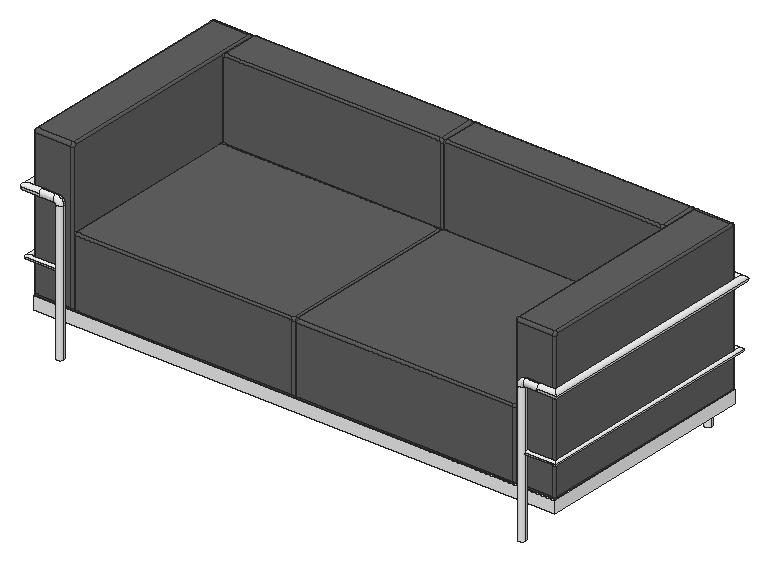
Revit family "31046cd561d4411e894cdde8918b4fbc", category Furniture, Revit 2021
Family settings
  OmniClass Number = 23.40.20.14.14.14
  OmniClass Title = Settees, Sofas
  Work Plane-Based = No
  Always vertical = Yes
  Cut with Voids When Loaded = No
  Shared = Yes
  Room Calculation Point = No
Parameters (values of type "Sofa")
  Default Elevation = 0' - 0"
  Assembly Code = "E2020200"
  Cushion Material = Leather - Black
  Depth = 2' - 4 1/2"
  Frame Material = Metal - Chrome
  Height = 2' - 0 1/2"
  Width = 5' - 6"
Reference planes (in)
  plane 1 "Center (Front/Back)": y = 18.37705
  plane 2: z = 0
  plane 3 "Center (Left/Right)": x = 22.57377
  plane 4 "Front": y = 4.12705
  plane 5 "Back": y = 32.62705
  plane 6 "Right": x = 55.57377
  plane 7 "Left": x = -10.42623
  plane 8: z = 24.5
  plane 9: z = 18
  plane 10: z = 10
  plane 11: y = 27.62705
  plane 12: x = 50.57377
  plane 13 "L1": x = -5.42623
  plane 14: x = -11.42623
  plane 15: x = 56.57377
  plane 16: y = 33.62705
  plane 17: y = 3.12705
  plane 18: x = 51.8136
  plane 19: x = -6.67623
  plane 20 "Cushion": z = 14.5
  plane 21 "Base": z = 5.5
Forms (in)
  Extrusion 1, solid, material "Metal - Chrome" <- "Frame Material"
    sketch origin (0, 0, 0) x (1, 0, 0) y (0, 1, 0)
      loop
        line (-10.42623, 32.62705) -> (-10.42623, 4.12705) -> (55.57377, 4.12705) -> (55.57377, 32.62705) -> (-10.42623, 32.62705)
    from 4 to 5.5
  Sweep 2, solid, material "Metal - Chrome" <- "Frame Material"
    path origin (0, 0, 0) x (1, 0, 0) y (0, 1, 0)
      loop
        line (-8.92623, 3.62705) -> (-10.92623, 3.62705) -> (-10.92623, 33.12705) -> (56.07377, 33.12705) -> (56.07377, 3.62705) -> (54.07377, 3.62705)
    profile origin (-9.92623, 0, 0) x (0, -1, 0) y (0, 0, 1)
      loop
        circle (-3.62705, 18) r 0.4375
  Sweep 3, solid, material "Metal - Chrome" <- "Frame Material"
    path origin (0, 0, 0) x (1, 0, 0) y (0, 1, 0)
      loop
        line (-7.05123, 3.75205) -> (-10.80123, 3.75205) -> (-10.80123, 33.00205) -> (55.94877, 33.00205) -> (55.94877, 3.75205) -> (52.19877, 3.75205)
    profile origin (-8.92623, 0, 0) x (0, -1, 0) y (0, 0, 1)
      loop
        circle (-3.75205, 10) r 0.25
  Sweep 4, solid, material "Metal - Chrome" <- "Frame Material"
    path origin (0, 4.87705, 0) x (0, 0, -1) y (1, 0, 0)
      loop
        line (0, -6.67623) -> (-17.5, -6.67623)
        arc (-17.5, -6.67623) -> (-17.85355, -6.82268) -> (-18, -7.17623) r 0.5
        line (-18, -7.17623) -> (-18, -8.92623)
    profile origin (0, 4.87705, 8.75) x (-1, 0, 0) y (0, -1, 0)
      loop
        circle (6.67623, 1.25) r 0.4375
  Sweep 5, solid, material "Metal - Chrome" <- "Frame Material"
    path origin (0, 4.87705, 0) x (0, 0, -1) y (1, 0, 0)
      loop
        line (0, 51.82377) -> (-17.5, 51.82377)
        arc (-17.5, 51.82377) -> (-17.85355, 51.97022) -> (-18, 52.32377) r 0.5
        line (-18, 52.32377) -> (-18, 54.07377)
    profile origin (0, 4.87705, 8.75) x (-1, 0, 0) y (0, -1, 0)
      loop
        circle (-51.82377, 1.25) r 0.4375
  Extrusion 6, solid, material "Metal - Chrome" <- "Frame Material"
    sketch origin (0, 0, 0) x (1, 0, 0) y (0, 1, 0)
      loop
        circle (-6.67623, 33.12705) r 0.4375
      loop
        circle (51.82377, 33.12705) r 0.4375
    from 0 to 18
Cuts and joins
  joined: Sweep 2, Sweep 3, Sweep 4, Sweep 5, Extrusion 6
Lines and regions (in)
  Masking region 1
    outline origin (0, 0, 0) x (1, 0, 0) y (0, 1, 0)
      loop
        arc (-6.67623, 3.12705) -> (-6.17623, 3.62705) -> (-6.67623, 4.12705) r 0.5
        line (-6.67623, 4.12705) -> (51.8136, 4.12705)
        arc (51.8136, 4.12705) -> (51.3136, 3.62705) -> (51.8136, 3.12705) r 0.5
        line (51.8136, 3.12705) -> (56.57377, 3.12705) -> (56.57377, 33.62705) -> (-11.42623, 33.62705) -> (-11.42623, 3.12705) -> (-6.67623, 3.12705)
  symbolic lines
    curve 1: line (-5.42623, 32.62705, 0) -> (-5.42623, 4.12705, 0)
    curve 2: line (50.57377, 27.62705, 0) -> (-5.42623, 27.62705, 0)
    curve 3: line (50.57377, 4.12705, 0) -> (50.57377, 32.62705, 0)
    curve 4: line (22.57377, 4.12705, 0) -> (22.57377, 32.62705, 0)
Dimensions and locks (in)
  equal spacing: plane 7 "Left", plane 3 "Center (Left/Right)", plane 6 "Right"
  equal spacing: plane 4 "Front", plane 1 "Center (Front/Back)", plane 5 "Back"
  "Depth": plane 4 "Front" to plane 5 "Back"
  "Width": plane 7 "Left" to plane 6 "Right"
  locked: plane 7 "Left" to Sweep 3 sketch curve at 0.375
  locked: Sweep 3 sketch curve to plane 7 "Left" at 3.375
  locked: Sweep 3 sketch curve to plane 6 "Right" at 0.375
  locked: plane 4 "Front" to Sweep 3 sketch curve at 0.375  (x2)
  locked: Sweep 3 sketch curve to plane 5 "Back" at 0.375
  locked: plane 4 "Front" to Sweep 4 sketch curve at 0.5
  locked: plane 4 "Front" to Sweep 5 sketch curve at 0.5
  "Height": plane 8 to level
  locked: Extrusion 6 sketch curve to plane 5 "Back" at 0.5  (x2)
  locked: Extrusion 6 sketch curve to plane 7 "Left" at 3.75
  locked: plane 6 "Right" to Extrusion 6 sketch curve at 3.75
  locked: plane 7 "Left" to plane 13 "L1" at 5
  locked: plane 12 to plane 6 "Right" at 5
  locked: plane 5 "Back" to plane 11 at 5
  plane 14 to plane 7 "Left" = 0' - 1"
  locked: plane 16 to plane 5 "Back" at 1
  locked: plane 6 "Right" to plane 15 at 1
  locked: plane 14 to plane 19 at 4.75
  locked: plane 18 to plane 15 at 4.76017
  locked: plane 17 to plane 4 "Front" at 1
  locked: plane 20 "Cushion" to plane 2 at 14.5
  locked: plane 21 "Base" to plane 2 at 5.5
  aligned and locked: Sweep 4 sketch curve to Sweep 2  (x2)
  aligned and locked: Sweep 5 sketch curve to Sweep 2  (x2)
  aligned and locked: Extrusion 1 to curve 1
  aligned and locked: Masking region 1 sketch curve to plane 17
  aligned and locked: plane 15 to Masking region 1 sketch curve
  aligned and locked: Masking region 1 sketch curve to plane 16
  aligned and locked: Masking region 1 sketch curve to plane 14
  aligned and locked: plane 19 to Masking region 1 sketch curve
  aligned and locked: plane 18 to Masking region 1 sketch curve
  aligned and locked: nested 1 to plane 13 "L1"
  aligned and locked: nested 1 to plane 4 "Front"
  aligned and locked: nested 1 to plane 11
  aligned and locked: plane 5 "Back" to nested 2
  aligned and locked: nested 2 to plane 4 "Front"
  aligned and locked: plane 21 "Base" to nested 2
  aligned and locked: nested 2 to plane 8
  aligned and locked: plane 5 "Back" to nested 4
  aligned and locked: plane 4 "Front" to nested 4
  aligned and locked: nested 3 to plane 13 "L1"
  aligned and locked: nested 4 to plane 8
  aligned and locked: plane 21 "Base" to nested 4
  aligned and locked: plane 21 "Base" to nested 3
  aligned and locked: nested 3 to plane 8
  aligned and locked: nested 1 to plane 3 "Center (Left/Right)"
  aligned and locked: plane 3 "Center (Left/Right)" to nested 5
  aligned and locked: plane 12 to nested 5
  aligned and locked: nested 3 to plane 3 "Center (Left/Right)"
  aligned and locked: plane 3 "Center (Left/Right)" to nested 6
  aligned and locked: plane 12 to nested 6
  aligned and locked: plane 5 "Back" to curve 4
  aligned and locked: plane 4 "Front" to curve 4
  aligned and locked: plane 3 "Center (Left/Right)" to curve 4
  aligned and locked: nested 6 to plane 8
  aligned and locked: nested 5 to plane 11
  aligned and locked: plane 4 "Front" to nested 5
  aligned and locked: Masking region 1 sketch curve to plane 4 "Front"
Automatic sketch dimensions
  Extrusion 1 sketch curve to plane 4 "Front" = 0' - 0"
  Extrusion 1 sketch curve to plane 7 "Left" = 0' - 0"
  Extrusion 1 sketch curve to plane 6 "Right" = 0' - 0"
  Extrusion 1 sketch curve to plane 5 "Back" = 0' - 0"
  plane 7 "Left" to Sweep 2 sketch curve = 0' - 0 1/2"
  Sweep 2 sketch curve to plane 7 "Left" = 0' - 1 1/2"
  plane 6 "Right" to Sweep 2 sketch curve = 0' - 1 1/2"
  Sweep 2 sketch curve to plane 6 "Right" = 0' - 0 1/2"
  plane 4 "Front" to Sweep 2 sketch curve = 0' - 0 1/2"  (x2)
  Sweep 2 sketch curve to plane 5 "Back" = 0' - 0 1/2"
  Sweep 2 sketch curve to profile plane = 0' - 0"
  profile plane to Sweep 2 sketch curve = 0' - 0 7/16"
  level to Sweep 2 sketch curve = 1' - 6"
  plane 6 "Right" to Sweep 3 sketch curve = 0' - 3 3/8"
  Sweep 3 sketch curve to profile plane = 0' - 0"
  profile plane to Sweep 3 sketch curve = 0' - 0 1/4"
  level to Sweep 3 sketch curve = 0' - 10"
  Sweep 4 sketch curve to profile plane = 0' - 0"
  Sweep 5 sketch curve to profile plane = 0' - 0"
  Sweep 4 sketch curve to level = 0' - 0"
  Sweep 4 sketch curve to plane 7 "Left" = 0' - 3 3/4"
  Sweep 4 sketch curve to Sweep 4 sketch curve = 0' - 0 1/2"
  Sweep 5 sketch curve to level = 0' - 0"
  plane 6 "Right" to Sweep 5 sketch curve = 0' - 3 3/4"
  Sweep 5 sketch curve to Sweep 5 sketch curve = 0' - 0 1/2"
  profile plane to Sweep 4 sketch curve = 0' - 0 7/16"
  profile plane to Sweep 5 sketch curve = 0' - 0 7/16"
  Extrusion 6 sketch curve to Extrusion 6 sketch curve = 0' - 0 7/16"  (x2)
  curve 1 to plane 4 "Front" = 0' - 0"
  curve 1 to plane 13 "L1" = 0' - 0"
  plane 5 "Back" to curve 3 = 0' - 0"
  curve 3 to plane 12 = 0' - 0"
  plane 4 "Front" to curve 3 = 0' - 0"
  curve 2 to plane 11 = 0' - 0"
  Masking region 1 sketch curve to plane 17 = 0' - 0"
Nested families (in)
  nested 1: "Cushion" at (8.57377, 15.87705, 5.5) x (-1, 0, 0) z (0, 0, 1), Cushion Matials <- "Cushion Material", type "Cushion"
    with Thickness 0' - 9", Length 2' - 4", Height 1' - 11 1/2", Cushion Matials Leather - Black
  nested 2: "Cushion" at (55.57377, 18.37705, 15) x (0, -1, 0) z (-1, 0, 0), Cushion Matials <- "Cushion Material", type "Cushion"
    with Thickness 0' - 5", Length 2' - 4 1/2", Height 1' - 7", Cushion Matials Leather - Black
  nested 3: "Cushion" at (8.57377, 32.62705, 15) x (1, 0, 0) z (0, -1, 0), Cushion Matials <- "Cushion Material", type "Cushion"
    with Thickness 0' - 5", Length 2' - 4", Height 1' - 7", Cushion Matials Leather - Black
  nested 4: "Cushion" at (-5.42623, 18.37705, 15) x (0, -1, 0) z (-1, 0, 0), Cushion Matials <- "Cushion Material", type "Cushion"
    with Thickness 0' - 5", Length 2' - 4 1/2", Height 1' - 7", Cushion Matials Leather - Black
  nested 5: "Cushion" at (36.57377, 15.87705, 5.5) x (-1, 0, 0) z (0, 0, 1), Cushion Matials <- "Cushion Material", type "Cushion"
    with Thickness 0' - 9", Length 2' - 4", Height 1' - 11 1/2", Cushion Matials Leather - Black
  nested 6: "Cushion" at (36.57377, 32.62705, 15) x (1, 0, 0) z (0, -1, 0), Cushion Matials <- "Cushion Material", type "Cushion"
    with Thickness 0' - 5", Length 2' - 4", Height 1' - 7", Cushion Matials Leather - Black
Definition of nested family "Cushion"
  Parameters
    r2 = r1 - 0' 0 1/8"  # 0' - 0 1/4"
    r1 = 0' - 0 3/8"
    Thickness [instance] = 0' - 6"
    Length [instance] = 2' - 0"
    Height [instance] = 2' - 0"
    Default Elevation = 4' - 0"
    Cushion Matials [instance] = none
  Reference planes (in)
    plane 1 "Center (Front/Back)": y = 0
    plane 2: z = 0
    plane 3 "Center (Left/Right)": x = 0
    plane 4 "Left": x = -12
    plane 5 "Front": y = -12
    plane 6 "Right": x = 12
    plane 7 "Back": y = 12
    plane 8 "Top": z = 6
  Forms (in)
    Extrusion 1, solid, material <- "Cushion Matials"
      sketch origin (0, 0, 0) x (1, 0, 0) y (0, 1, 0)
        loop
          line (-12, 12) -> (-12, -12) -> (12, -12) -> (12, 12) -> (-12, 12)
      from 0 to 6
    Extrusion 2, void
      sketch origin (0, 0, 0) x (1, 0, 0) y (0, 1, 0)
        loop
          line (-12, 12) -> (-12, 11.625)
          arc (-12, 11.625) -> (-11.89017, 11.89017) -> (-11.625, 12) r 0.375
          line (-11.625, 12) -> (-12, 12)
        loop
          line (12, 12) -> (11.625, 12)
          arc (11.625, 12) -> (11.89017, 11.89017) -> (12, 11.625) r 0.375
          line (12, 11.625) -> (12, 12)
        loop
          line (-12, -12) -> (-11.625, -12)
          arc (-11.625, -12) -> (-11.89017, -11.89017) -> (-12, -11.625) r 0.375
          line (-12, -11.625) -> (-12, -12)
        loop
          line (12, -12) -> (12, -11.625)
          arc (12, -11.625) -> (11.89017, -11.89017) -> (11.625, -12) r 0.375
          line (11.625, -12) -> (12, -12)
      from 0 to 6
    Sweep 3, void
      path origin (0, 0, 6) x (-1, 0, 0) y (0, -1, 0)
        loop
          line (-11.625, -12) -> (11.625, -12)
          arc (11.625, -12) -> (11.89017, -11.89017) -> (12, -11.625) r 0.375
          line (12, -11.625) -> (12, 11.625)
          arc (12, 11.625) -> (11.89017, 11.89017) -> (11.625, 12) r 0.375
          line (11.625, 12) -> (-11.625, 12)
          arc (-11.625, 12) -> (-11.89017, 11.89017) -> (-12, 11.625) r 0.375
          line (-12, 11.625) -> (-12, -11.625)
          arc (-12, -11.625) -> (-11.89017, -11.89017) -> (-11.625, -12) r 0.375
      profile origin (0, 12, 6) x (0, -1, 0) y (0, 0, 1)
        loop
          line (0.25, 0) -> (0, 0) -> (0, -0.25)
          arc (0, -0.25) -> (0.07322, -0.07322) -> (0.25, 0) r 0.25
    Sweep 4, void
      path origin (0, 0, 0) x (0, 1, 0) y (-1, 0, 0)
        loop
          line (12, -11.625) -> (12, 11.625)
          arc (12, 11.625) -> (11.89017, 11.89017) -> (11.625, 12) r 0.375
          line (11.625, 12) -> (-11.625, 12)
          arc (-11.625, 12) -> (-11.89017, 11.89017) -> (-12, 11.625) r 0.375
          line (-12, 11.625) -> (-12, -11.625)
          arc (-12, -11.625) -> (-11.89017, -11.89017) -> (-11.625, -12) r 0.375
          line (-11.625, -12) -> (11.625, -12)
          arc (11.625, -12) -> (11.89017, -11.89017) -> (12, -11.625) r 0.375
      profile origin (0, 12, 0) x (0, -1, 0) y (0, 0, 1)
        loop
          arc (0.25, 0) -> (0.07322, 0.07322) -> (0, 0.25) r 0.25
          line (0, 0.25) -> (0, 0) -> (0.25, 0)
  Cuts and joins
    Extrusion 2, Sweep 3, Sweep 4 cuts Extrusion 1
  Dimensions and locks (in)
    equal spacing: plane 4 "Left", plane 3 "Center (Left/Right)", plane 6 "Right"
    "Length": plane 4 "Left" to plane 6 "Right"
    "Height": plane 7 "Back" to plane 5 "Front"
    equal spacing: plane 7 "Back", plane 1 "Center (Front/Back)", plane 5 "Front"
    "Thickness": plane 8 "Top" to plane 2
    "r1": radius of Extrusion 2 sketch curve  (x4)
    "r2": radius of Sweep 3 sketch curve
    "r2": radius of Sweep 4 sketch curve
    aligned and locked: plane 2 to level
    aligned and locked: plane 4 "Left" to Extrusion 1 sketch curve
    aligned and locked: Extrusion 1 sketch curve to plane 7 "Back"
    aligned and locked: plane 6 "Right" to Extrusion 1 sketch curve
    aligned and locked: plane 5 "Front" to Extrusion 1 sketch curve
    aligned and locked: plane 8 "Top" to Extrusion 1
    aligned and locked: plane 5 "Front" to Extrusion 2 sketch curve
    aligned and locked: Extrusion 2 sketch curve to plane 6 "Right"
    aligned and locked: plane 4 "Left" to Extrusion 2 sketch curve
    aligned and locked: Extrusion 2 sketch curve to plane 5 "Front"
    aligned and locked: Extrusion 2 sketch curve to plane 7 "Back"
    aligned and locked: Extrusion 2 sketch curve to plane 4 "Left"
    aligned and locked: plane 6 "Right" to Extrusion 2 sketch curve
    aligned and locked: plane 7 "Back" to Extrusion 2 sketch curve
    aligned and locked: plane 8 "Top" to cut or joined group of Extrusion 1, Extrusion 2, Sweep 3, Sweep 4
    aligned and locked: profile plane to Sweep 3 sketch curve  (x2)
    aligned and locked: profile plane to Sweep 4 sketch curve  (x2)
    aligned and locked: Sweep 3 sketch curve to cut or joined group of Extrusion 1, Extrusion 2, Sweep 3, Sweep 4  (x4)
    aligned and locked: Sweep 4 sketch curve to cut or joined group of Extrusion 1, Extrusion 2, Sweep 3, Sweep 4  (x2)
  Automatic sketch dimensions
    Sweep 4 sketch curve to plane 6 "Right" = 0' - 0"
    Sweep 4 sketch curve to plane 7 "Back" = 0' - 0 3/8"
    plane 6 "Right" to Sweep 4 sketch curve = 0' - 0 3/8"
